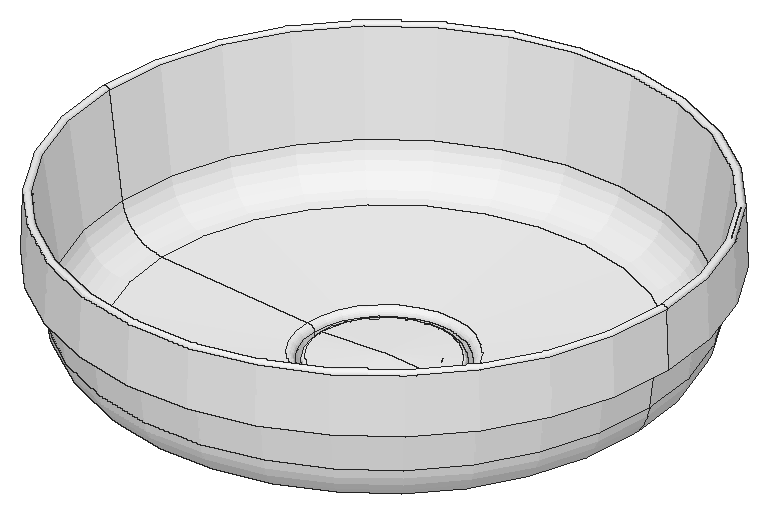
Revit family "ELVIRE 400 INSET BASIN NTH NOF", category Plumbing Fixtures, host Face, Revit 2016
Family settings
  Host = Face
  Part Type = Normal
  Round Connector Dimension = Use Diameter
  OmniClass Number = 23.45.05.14.14
  OmniClass Title = Sinks/Lavatories
  Cut with Voids When Loaded = Yes
  Shared = No
  Room Calculation Point = No
Parameters (values of type "ELVIRE 400 INSET BASIN NTH NOF")
  Waste Connection = yes
  Vent Connection = no
  URL = "https://www.caroma.com.au/"
  Model = "CAEL0001W"
  Material_Waste = GWA-Metalwork-White
  Material_Basin = GWA-Metalwork-White
  Manufacturer = "GWA Bathrooms & Kitchens"  # constant formula
  HW Connection = no
  Description = "ELVIRE 400 INSET BASIN NTH NOF"
  Default Elevation = 0 mm
  CreatedBy_ANZRS = "GWA Bathrooms & Kitchens"  # constant formula
  CW Connection = no
  Assembly Code = "D2010400"
Reference planes
  plane 1 "Center (Front/Back)": y = 0
  plane 2: z = 0
  plane 3 "Center (Left/Right)": x = 0
  plane 4 "WasteConnection": z = -123.372
Forms (mm)
  Extrusion 1, void
    sketch origin (0, 0, 95.031) x (-1, 0, 0) y (0, -1, 0)
      loop
        circle (0, 0) r 195
    from 5 to -218.403
  Revolve 2, solid, material "GWA-Metalwork-White" <- "Material_Basin"
    sketch origin (0, 0, 0) x (1, 0, 0) y (0, 0, 1)
      loop
        line (198.941, 0) -> (201.442, 0) -> (200, 37.597)
        arc (200, 37.597) -> (197.628, 39.998) -> (195.026, 37.849) r 2.5
        line (195.026, 37.849) -> (185.69, -28.579)
        arc (185.69, -28.579) -> (176.25, -46.522) -> (157.552, -54.363) r 30
        line (157.552, -54.363) -> (54.34, -59.773)
        arc (54.34, -59.773) -> (51.129, -61.169) -> (49.621, -64.33) r 5
        line (49.621, -64.33) -> (48.236, -80.164)
        arc (48.236, -80.164) -> (47.947, -80.784) -> (47.327, -81.073) r 1
        line (47.327, -81.073) -> (41.569, -81.577)
        arc (41.569, -81.577) -> (40.091, -81.939) -> (38.791, -82.728) r 5
        line (38.791, -82.728) -> (31, -89.266) -> (32.604, -91.181) -> (40.521, -84.541)
        arc (40.521, -84.541) -> (41.041, -84.225) -> (41.632, -84.081) r 2
        line (41.632, -84.081) -> (47.544, -83.564)
        arc (47.544, -83.564) -> (49.714, -82.552) -> (50.726, -80.383) r 3.5
        line (50.726, -80.383) -> (52.112, -64.548)
        arc (52.112, -64.548) -> (52.866, -62.967) -> (54.472, -62.269) r 2.5
        line (54.472, -62.269) -> (157.683, -56.86)
        arc (157.683, -56.86) -> (177.939, -48.366) -> (188.166, -28.928) r 32.5
        line (188.166, -28.928) -> (197.502, 37.5) -> (198.941, 0)
      axis (0, -91.181) -> (0, 37.849)
    angle from 0 to 360
  Revolve 3, solid, material "GWA-Metalwork-White" <- "Material_Waste"
    sketch origin (0, 0, 0) x (1, 0, 0) y (0, 0, 1)
      loop
        arc (44.202, -62.328) -> (22.135, -60.491) -> (0, -59.878) r 399.981
        line (0, -59.878) -> (0, -68.398) -> (36.5, -68.398) -> (44.5, -66.247)
        arc (44.5, -66.247) -> (45.975, -64.164) -> (44.202, -62.328) r 2
      axis (0, -59.878) -> (0, -68.398)
    angle from 0 to 360
  Revolve 4, solid, material "GWA-Metalwork-White" <- "Material_Waste"
    sketch origin (0, 0, 0) x (1, 0, 0) y (0, 0, 1)
      loop
        line (21, -73.094) -> (21, -65.975) -> (32.399, -65.773) -> (32.399, -62.899) -> (21.811, -62.106) -> (0, -62.106) -> (0, -112.5) -> (2.536, -112.5) -> (5.981, -106.528) -> (5.981, -104.5) -> (7.975, -104.5) -> (7.975, -96.5) -> (19, -96.5) -> (21, -94.5) -> (21, -83.454) -> (24.3, -81.536) -> (24.3, -80.232) -> (26.697, -78.105) -> (24.842, -78.105) -> (24.3, -76.846) -> (24.3, -75.037) -> (21, -73.094)
      axis (0, -112.5) -> (0, -62.106)
    angle from 0 to 360
  Revolve 5, solid, material "GWA-Metalwork-White" <- "Material_Waste"
    sketch origin (0, 0, 0) x (1, 0, 0) y (0, 0, 1)
      loop
        arc (27.5, -93.627) -> (27.424, -94.01) -> (27.207, -94.334) r 1
        line (27.207, -94.334) -> (15.079, -106.462)
        arc (15.079, -106.462) -> (14.646, -107.111) -> (14.493, -107.876) r 2
        line (14.493, -107.876) -> (14.493, -113.372)
        arc (14.493, -113.372) -> (14.201, -114.079) -> (13.493, -114.372) r 1
        line (13.493, -114.372) -> (0, -114.372) -> (0, -123.372) -> (4, -123.372)
        arc (4, -123.372) -> (4.707, -123.079) -> (5, -122.372) r 1
        line (5, -122.372) -> (5, -117.872)
        arc (5, -117.872) -> (5.586, -116.458) -> (7, -115.872) r 2
        line (7, -115.872) -> (14, -115.872)
        arc (14, -115.872) -> (16.121, -114.993) -> (17, -112.872) r 3
        line (17, -112.872) -> (17, -109.441)
        arc (17, -109.441) -> (17.381, -107.527) -> (18.464, -105.905) r 5
        line (18.464, -105.905) -> (28.914, -95.455)
        arc (28.914, -95.455) -> (29.348, -94.806) -> (29.5, -94.041) r 2
        line (29.5, -94.041) -> (29.5, -79.211)
        arc (29.5, -79.211) -> (29.705, -78.604) -> (30.237, -78.246) r 1
        line (30.237, -78.246) -> (36, -76.672) -> (36, -75.872) -> (28.413, -76.536)
        arc (28.413, -76.536) -> (27.763, -76.856) -> (27.5, -77.532) r 1
        line (27.5, -77.532) -> (27.5, -93.627)
      axis (0, -123.372) -> (0, -75.872)
    angle from 0 to 360
  Extrusion 6, void
    sketch origin (0, 0, 95.031) x (-1, 0, 0) y (0, -1, 0)
      loop
        arc (7.158, -15.42) -> (6.314, -16.158) -> (6, -17.234) r 2
        line (6, -17.234) -> (6, -24.213)
        arc (6, -24.213) -> (6.828, -25.834) -> (8.627, -26.112) r 2
        arc (8.627, -26.112) -> (19.445, -19.445) -> (26.112, -8.627) r 27.5
        arc (26.112, -8.627) -> (25.834, -6.828) -> (24.213, -6) r 2
        line (24.213, -6) -> (17.234, -6)
        arc (17.234, -6) -> (16.158, -6.314) -> (15.42, -7.158) r 2
        arc (15.42, -7.158) -> (12.021, -12.021) -> (7.158, -15.42) r 17
      loop
        circle (-0.018, 0) r 2.5
      loop
        arc (-15.42, -7.158) -> (-16.158, -6.314) -> (-17.234, -6) r 2
        line (-17.234, -6) -> (-24.213, -6)
        arc (-24.213, -6) -> (-25.834, -6.828) -> (-26.112, -8.627) r 2
        arc (-26.112, -8.627) -> (-19.445, -19.445) -> (-8.627, -26.112) r 27.5
        arc (-8.627, -26.112) -> (-6.828, -25.834) -> (-6, -24.213) r 2
        line (-6, -24.213) -> (-6, -17.234)
        arc (-6, -17.234) -> (-6.314, -16.158) -> (-7.158, -15.42) r 2
        arc (-7.158, -15.42) -> (-12.021, -12.021) -> (-15.42, -7.158) r 17
      loop
        arc (-7.158, 15.42) -> (-6.314, 16.158) -> (-6, 17.234) r 2
        line (-6, 17.234) -> (-6, 24.213)
        arc (-6, 24.213) -> (-6.828, 25.834) -> (-8.627, 26.112) r 2
        arc (-8.627, 26.112) -> (-19.445, 19.445) -> (-26.112, 8.627) r 27.5
        arc (-26.112, 8.627) -> (-25.834, 6.828) -> (-24.213, 6) r 2
        line (-24.213, 6) -> (-17.234, 6)
        arc (-17.234, 6) -> (-16.158, 6.314) -> (-15.42, 7.158) r 2
        arc (-15.42, 7.158) -> (-12.021, 12.021) -> (-7.158, 15.42) r 17
      loop
        arc (15.42, 7.158) -> (16.158, 6.314) -> (17.234, 6) r 2
        line (17.234, 6) -> (24.213, 6)
        arc (24.213, 6) -> (25.834, 6.828) -> (26.112, 8.627) r 2
        arc (26.112, 8.627) -> (19.445, 19.445) -> (8.627, 26.112) r 27.5
        arc (8.627, 26.112) -> (6.828, 25.834) -> (6, 24.213) r 2
        line (6, 24.213) -> (6, 17.234)
        arc (6, 17.234) -> (6.314, 16.158) -> (7.158, 15.42) r 2
        arc (7.158, 15.42) -> (12.021, 12.021) -> (15.42, 7.158) r 17
    from -224.214 to -180.031
Cuts and joins
  Extrusion 6 cuts Revolve 5
Lines and regions (mm)
  Masking region 1
    outline origin (0, 0, 0) x (0, 1, 0) y (0, 0, 1)
      loop
        line (197.502, 40.001) -> (-197.502, 40.001)
        arc (-197.502, 40.001) -> (-199.235, 39.302) -> (-200, 37.597) r 2.5
        line (-200, 37.597) -> (-201.442, 0) -> (201.442, 0) -> (200, 37.597)
        arc (200, 37.597) -> (199.235, 39.302) -> (197.502, 40.001) r 2.5
  Masking region 2
    outline origin (0, 0, 0) x (1, 0, 0) y (0, 0, 1)
      loop
        line (197.628, 39.998) -> (-197.628, 39.998)
        arc (-197.628, 39.998) -> (-199.28, 39.258) -> (-200, 37.597) r 2.5
        line (-200, 37.597) -> (-201.442, 0) -> (201.442, 0) -> (200, 37.597)
        arc (200, 37.597) -> (199.28, 39.258) -> (197.628, 39.998) r 2.5
  Masking region 3
    outline origin (0, 0, 95.031) x (-1, 0, 0) y (0, -1, 0)
      loop
        circle (-0.018, 0) r 201.442
  symbolic lines
    curve 1: line (200, 0, 37.597) -> (201.442, 0, 0)
    curve 2: line (201.442, 0, 0) -> (-201.442, 0, 0)
    curve 3: arc (197.628, 0, 39.998) -> (199.28, 0, 39.258) -> (200, 0, 37.597) r 2.5
    curve 4: line (197.628, 0, 39.998) -> (-197.628, 0, 39.998)
    curve 5: line (-200, 0, 37.597) -> (-201.442, 0, 0)
    curve 6: arc (-197.628, 0, 39.998) -> (-199.28, 0, 39.258) -> (-200, 0, 37.597) r 2.5
    curve 7: line (0, 201.442, 0) -> (0, -201.442, 0)
    curve 8: line (0, 200, 37.597) -> (0, 201.442, 0)
    curve 9: line (0, 197.502, 40.001) -> (0, -197.502, 40.001)
    curve 10: arc (0, 197.502, 40.001) -> (0, 199.235, 39.302) -> (0, 200, 37.597) r 2.5
    curve 11: line (0, -200, 37.597) -> (0, -201.442, 0)
    curve 12: arc (0, -197.502, 40.001) -> (0, -199.235, 39.302) -> (0, -200, 37.597) r 2.5
    curve 13: circle (0.018, 0, 95.031) r 201.442 normal (0, 0, 1)
    curve 14: circle (0.018, 0, 95.031) r 46 normal (0, 0, 1)
Dimensions and locks
  aligned and locked: plane 2 to host face
  aligned and locked: level to host face
Connectors
  piping at (0, 0, -123.372), diameter 40
    settings: index 1, connector inside diameter 609.6 mm, connector length 0 mm, flow factor 0, pipe flow 0.0 L/s, pressure drop 0.0 Pa, fitting loss kfactor 0, connector angle 0.00°, fixture units 0, engagement length 0 mm, angle of deflection 0.00°, flow configuration 3, flow direction 2, fitting loss method 0, system type 16, joint type 0, gender type 0, connector reference index -1, connector utility 0, adjustable connector no, is connector primary yes, connector description ""
